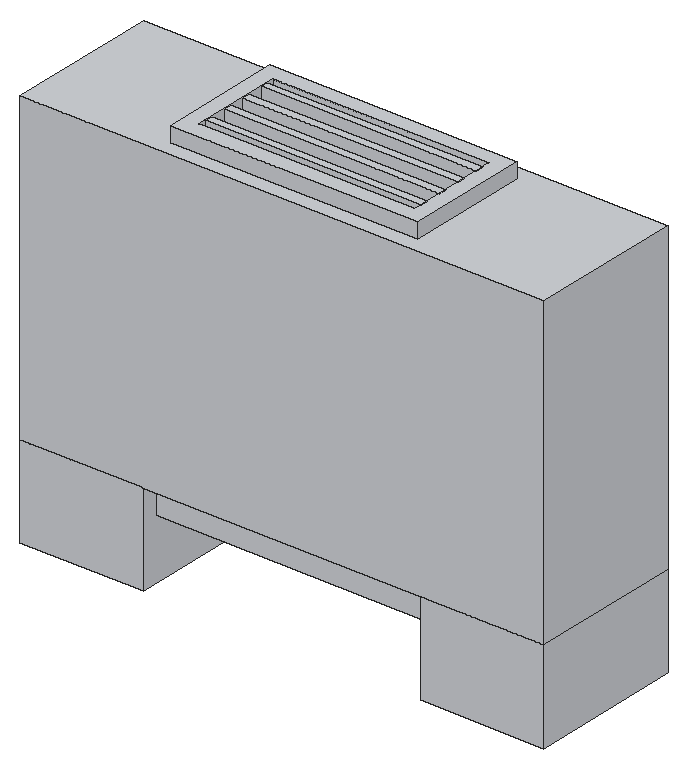
Revit family "e5d02579669044ffba6a8039a9acc2e4", category Mechanical Equipment, Revit 2021
Family settings
  Round Connector Dimension = Use Radius
  Part Type = Normal
  OmniClass Number = 23.75.70.17.27
  OmniClass Title = Fan Coil Units
  Seek Item ID = Fan Coil Unit - Vertical-0000-USA-ENU
  Work Plane-Based = No
  Always vertical = Yes
  Cut with Voids When Loaded = No
  Shared = No
  Room Calculation Point = No
Parameters (values of type "240 CFM")
  Voltage = 120 V
  Unit Material = none
  Pressure Drop [instance] = 3.47 psi
  Overall Length = 2' - 10"
  Outlet Radius = Outlet Diameter / 2  # 5/16"
  Outlet Diameter = Inlet Diameter  # 5/8"
  Number of Poles = 1
  Load Classification = Cooling
  Length 1 = (Overall Length - Grille Length - 0' 2") / 2  # 0' - 9"
  Inlet Radius = Inlet Diameter / 2  # 5/16"
  Inlet Diameter = 5/8"
  Grille Length = 1' - 2"
  Flow [instance] = 1.04 GPM
  Drain Flow [instance] = 0.00 GPM
  Default Elevation = 0' - 0"
  Apparent Load = 1000 VA
Types (8): name | Pressure Drop | Overall Length | Length 1 | Grille Length | Flow | Apparent Load
  (no name) | 3.47 psi | 2' - 10" | 0' - 9" | 1' - 2" | 1.04 GPM | 1000 VA
  240 CFM | 3.47 psi | 2' - 10" | 0' - 9" | 1' - 2" | 1.04 GPM | 1000 VA
  320 CFM | 5.66 psi | 2' - 10" | 0' - 9" | 1' - 2" | 1.32 GPM | 1000 VA
  390 CFM | 1.84 psi | 3' - 4" | 0' - 9" | 1' - 8" | 1.68 GPM | 2000 VA
  620 CFM | 6.11 psi | 4' - 0" | 0' - 9" | 2' - 4" | 2.86 GPM | 2000 VA
  800 CFM | 2.28 psi | 4' - 10" | 0' - 8" | 3' - 4" | 3.14 GPM | 2000 VA
  1000 CFM | 4.32 psi | 6' - 4" | 0' - 8" | 4' - 10" | 4.39 GPM | 3000 VA
  1110 CFM | 6.70 psi | 6' - 4" | 0' - 8" | 4' - 10" | 5.28 GPM | 3000 VA
Reference planes (in)
  plane 1 "Center (Front/Back)": y = 0
  plane 2: z = 0
  plane 3 "Center (Left/Right)": x = 0
  plane 4: y = 10
  plane 5: x = 34
  plane 6: z = 6
  plane 7: z = 26
  plane 8: z = 27
  plane 9: x = 8
  plane 10: x = 26
  plane 11: y = 9
  plane 12: y = 1
  plane 13: z = 4
  plane 14: x = 9
  plane 15: x = 25
  plane 16: x = 10
  plane 17: x = 24
  plane 18: y = 8
  plane 19: y = 2
  plane 20: y = 7
  plane 21: y = 5.5
  plane 22: y = 4
  plane 23: y = 6
  plane 24: y = 4.5
  plane 25: y = 3
  plane 26: y = 2.5
  plane 27: y = 7.5
  plane 28: z = 21.8125
  plane 29: z = 20.5
  plane 30: z = 1.1875
  plane 31: y = 8
  plane 32: y = 5.3125
  plane 33: y = 4.375
  plane 34: x = 0.125
Forms (in)
  Extrusion 1, solid, material <- "Unit Material"
    sketch origin (0, 0, 0) x (1, 0, 0) y (0, 1, 0)
      loop
        line (0, 10) -> (0, 0) -> (34, 0) -> (34, 10) -> (0, 10)
    from 6 to 26
  Extrusion 2, solid, material <- "Unit Material"
    sketch origin (0, 0, 0) x (1, 0, 0) y (0, 1, 0)
      loop
        line (0, 10) -> (0, 0) -> (8, 0) -> (8, 10) -> (0, 10)
      loop
        line (26, 10) -> (26, 0) -> (34, 0) -> (34, 10) -> (26, 10)
    from 6 to 0
  Extrusion 3, solid, material <- "Unit Material", detail levels fine
    sketch origin (0, 0, 0) x (1, 0, 0) y (0, 1, 0)
      loop
        line (8, 9) -> (8, 1) -> (26, 1) -> (26, 9) -> (8, 9)
    from 4 to 6
  Extrusion 4, solid, material <- "Unit Material"
    sketch origin (0, 0, 0) x (1, 0, 0) y (0, 1, 0)
      loop
        line (9, 9) -> (9, 1) -> (25, 1) -> (25, 9) -> (9, 9)
      loop
        line (10, 8) -> (10, 2) -> (24, 2) -> (24, 8) -> (10, 8)
    from 26 to 27
  Extrusion 5, solid, material <- "Unit Material", detail levels fine
    sketch origin (0, 0, 0) x (1, 0, 0) y (0, 1, 0)
      loop
        line (10, 7.5) -> (10, 7) -> (24, 7) -> (24, 7.5) -> (10, 7.5)
      loop
        line (10, 6) -> (10, 5.5) -> (24, 5.5) -> (24, 6) -> (10, 6)
      loop
        line (10, 4.5) -> (10, 4) -> (24, 4) -> (24, 4.5) -> (10, 4.5)
      loop
        line (10, 3) -> (10, 2.5) -> (24, 2.5) -> (24, 3) -> (10, 3)
    from 26 to 27
  Extrusion 6, void
    sketch origin (0, 0, 0) x (0, 1, 0) y (0, 0, 1)
      loop
        circle (8, 1.1875) r 0.375
    from 0.125 to 0
  Extrusion 7, void
    sketch origin (0, 0, 0) x (0, 1, 0) y (0, 0, 1)
      loop
        circle (4.375, 20.5) r 0.3125
    from 0 to 0.125
  Extrusion 8, void
    sketch origin (0, 0, 0) x (0, 1, 0) y (0, 0, 1)
      loop
        circle (5.3125, 21.8125) r 0.3125
    from 0 to 0.125
Cuts and joins
  Extrusion 6, Extrusion 7, Extrusion 8 cuts Extrusion 1
  Extrusion 6 cuts Extrusion 2
Dimensions and locks (in)
  locked: plane 4 to plane 1 "Center (Front/Back)" at 10
  "Overall Length": plane 3 "Center (Left/Right)" to plane 5
  locked: plane 6 to plane 2 at 6
  locked: plane 7 to plane 6 at 20
  locked: plane 8 to plane 7 at 1
  locked: plane 3 "Center (Left/Right)" to plane 9 at 8
  locked: plane 10 to plane 5 at 8
  locked: plane 4 to plane 11 at 1
  locked: plane 1 "Center (Front/Back)" to plane 12 at 1
  locked: plane 6 to plane 13 at 2
  locked: plane 14 to plane 16 at 1
  locked: plane 17 to plane 15 at 1
  locked: plane 11 to plane 18 at 1
  locked: plane 12 to plane 19 at 1
  locked: plane 18 to plane 27 at 0.5
  locked: plane 27 to plane 20 at 0.5
  locked: plane 20 to plane 23 at 1
  locked: plane 21 to plane 23 at 0.5
  locked: plane 24 to plane 21 at 1
  locked: plane 24 to plane 22 at 0.5
  locked: plane 22 to plane 25 at 1
  locked: plane 25 to plane 26 at 0.5
  locked: plane 7 to plane 28 at 4.1875
  locked: plane 7 to plane 29 at 5.5
  locked: plane 30 to plane 2 at 1.1875
  locked: plane 4 to plane 31 at 2
  locked: plane 4 to plane 32 at 4.6875
  locked: plane 33 to plane 1 "Center (Front/Back)" at 4.375
  locked: plane 3 "Center (Left/Right)" to plane 34 at 0.125
  "Grille Length": plane 16 to plane 17
  "Length 1": plane 3 "Center (Left/Right)" to plane 14
  "Outlet Radius": radius of Extrusion 7 sketch curve
  "Inlet Radius": radius of Extrusion 8 sketch curve
  radius of Extrusion 6 sketch curve = 0' - 0 3/8"
  aligned and locked: plane 4 to Extrusion 1
  aligned and locked: Extrusion 1 to plane 3 "Center (Left/Right)"
  aligned and locked: plane 5 to Extrusion 1
  aligned and locked: plane 1 "Center (Front/Back)" to Extrusion 1
  aligned and locked: Extrusion 1 to plane 6
  aligned and locked: plane 7 to Extrusion 1
  aligned and locked: plane 4 to Extrusion 2  (x2)
  aligned and locked: Extrusion 2 to plane 3 "Center (Left/Right)"
  aligned and locked: plane 1 "Center (Front/Back)" to Extrusion 2  (x2)
  aligned and locked: plane 9 to Extrusion 2
  aligned and locked: Extrusion 2 to plane 10
  aligned and locked: plane 5 to Extrusion 2
  aligned and locked: Extrusion 1 to Extrusion 2
  aligned and locked: Extrusion 2 to level
  aligned and locked: plane 9 to Extrusion 3 sketch curve
  aligned and locked: Extrusion 3 sketch curve to plane 11
  aligned and locked: plane 12 to Extrusion 3 sketch curve
  aligned and locked: Extrusion 3 sketch curve to plane 10
  aligned and locked: Extrusion 3 to plane 13
  aligned and locked: Extrusion 3 to Extrusion 1
  aligned and locked: plane 14 to Extrusion 4 sketch curve
  aligned and locked: Extrusion 4 sketch curve to plane 11
  aligned and locked: plane 12 to Extrusion 4 sketch curve
  aligned and locked: Extrusion 4 sketch curve to plane 15
  aligned and locked: plane 16 to Extrusion 4 sketch curve
  aligned and locked: Extrusion 4 sketch curve to plane 18
  aligned and locked: plane 19 to Extrusion 4 sketch curve
  aligned and locked: Extrusion 4 sketch curve to plane 17
  aligned and locked: plane 8 to Extrusion 4
  aligned and locked: Extrusion 4 to Extrusion 1
  aligned and locked: plane 16 to Extrusion 5 sketch curve  (x4)
  aligned and locked: Extrusion 5 sketch curve to plane 27
  aligned and locked: plane 20 to Extrusion 5 sketch curve
  aligned and locked: Extrusion 5 sketch curve to plane 17  (x4)
  aligned and locked: plane 23 to Extrusion 5 sketch curve
  aligned and locked: plane 21 to Extrusion 5 sketch curve
  aligned and locked: Extrusion 5 sketch curve to plane 24
  aligned and locked: plane 22 to Extrusion 5 sketch curve
  aligned and locked: Extrusion 5 sketch curve to plane 25
  aligned and locked: plane 26 to Extrusion 5 sketch curve
  aligned and locked: plane 8 to Extrusion 5
  aligned and locked: Extrusion 5 to Extrusion 1
  aligned and locked: plane 18 to Extrusion 6 sketch curve
  aligned and locked: plane 30 to Extrusion 6 sketch curve
  aligned and locked: Extrusion 6 to plane 34
  aligned and locked: Extrusion 6 to plane 3 "Center (Left/Right)"
  aligned and locked: plane 33 to Extrusion 7 sketch curve
  aligned and locked: plane 29 to Extrusion 7 sketch curve
  aligned and locked: Extrusion 7 to plane 3 "Center (Left/Right)"
  aligned and locked: plane 34 to Extrusion 7
  aligned and locked: Extrusion 8 sketch curve to plane 32
  aligned and locked: plane 28 to Extrusion 8 sketch curve
  aligned and locked: Extrusion 8 to plane 3 "Center (Left/Right)"
  aligned and locked: plane 34 to Extrusion 8
Automatic sketch dimensions
  Extrusion 1 sketch curve to plane 3 "Center (Left/Right)" = 0' - 0"
  plane 5 to Extrusion 1 sketch curve = 0' - 0"
  plane 1 "Center (Front/Back)" to Extrusion 1 sketch curve = 0' - 0"
  plane 4 to Extrusion 1 sketch curve = 0' - 0"
  Extrusion 2 sketch curve to plane 3 "Center (Left/Right)" = 0' - 0"
  plane 9 to Extrusion 2 sketch curve = 0' - 0"
  Extrusion 2 sketch curve to plane 10 = 0' - 0"
  plane 5 to Extrusion 2 sketch curve = 0' - 0"
  plane 1 "Center (Front/Back)" to Extrusion 2 sketch curve = 0' - 0"  (x2)
  plane 4 to Extrusion 2 sketch curve = 0' - 0"  (x2)
  Extrusion 5 sketch curve to plane 26 = 0' - 0"
Connectors (in)
  piping at (0.125, 5.3125, 21.8125), diameter 0.625, driven by "Flow", driven by "Inlet Radius"
    settings: on cut or joined group of Extrusion 1, Extrusion 6, Extrusion 7, Extrusion 8, index 1, connector inside diameter 5/8", connector length 0' - 0", flow factor 0, pipe flow 1.04 GPM, pressure drop 0.00 psi, fitting loss kfactor 0, connector angle 0.00°, fixture units 0, engagement length 0' - 0", angle of deflection 0.00°, flow configuration 1, flow direction 1, fitting loss method 4, system type 7, joint type 0, gender type 0, connector reference index 2, connector utility 0, adjustable connector no, is connector primary yes, connector description "Chilled Water In"
  piping at (0.125, 4.375, 20.5), diameter 0.625, driven by "Flow", driven by "Pressure Drop", driven by "Outlet Radius"
    settings: on cut or joined group of Extrusion 1, Extrusion 6, Extrusion 7, Extrusion 8, index 2, connector inside diameter 5/8", connector length 0' - 0", flow factor 0, pipe flow 1.04 GPM, pressure drop 3.47 psi, fitting loss kfactor 0, connector angle 0.00°, fixture units 0, engagement length 0' - 0", angle of deflection 0.00°, flow configuration 1, flow direction 2, fitting loss method 4, system type 8, joint type 0, gender type 0, connector reference index 1, connector utility 0, adjustable connector no, is connector primary no, connector description "Chilled Water Out"
  piping at (0.125, 8, 1.1875), diameter 0.75, driven by "Drain Flow"
    settings: on cut or joined group of Extrusion 2, Extrusion 6, index 3, connector inside diameter 3/4", connector length 0' - 0", flow factor 0, pipe flow 0.00 GPM, pressure drop 0.00 psi, fitting loss kfactor 0, connector angle 0.00°, fixture units 0, engagement length 0' - 0", angle of deflection 0.00°, flow configuration 1, flow direction 2, fitting loss method 0, system type 16, joint type 0, gender type 0, connector reference index -1, connector utility 0, adjustable connector yes, is connector primary no, connector description "Drain Out"
  electrical at (34, 5, 16), driven by "Apparent Load", driven by "Voltage", driven by "Number of Poles", driven by "Load Classification"
    settings: on cut or joined group of Extrusion 1, Extrusion 6, Extrusion 7, Extrusion 8, index 4, voltage 120 V, apparent load 1000 VA, apparent load phase1 0 VA, apparent load phase2 0 VA, apparent load phase3 0 VA, power factor 0.8, load classification "Cooling", number of poles 1, system type 30, power factor state 1, is connector primary yes, connector utility no, sub classification motor no, connector description ""
